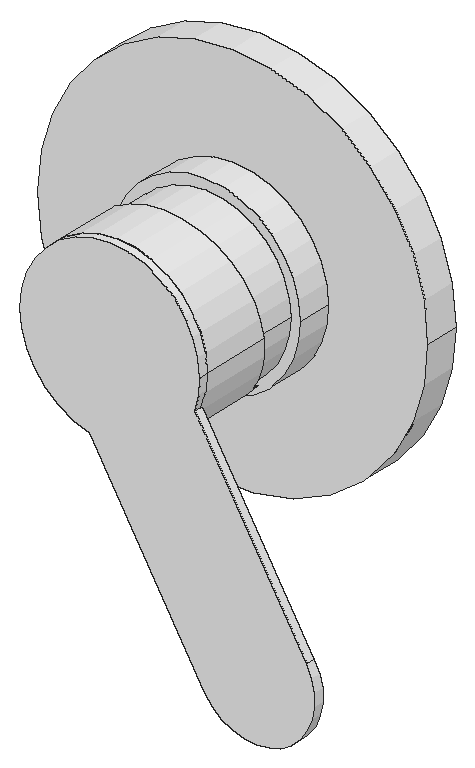
Revit family "Lauter-Mezclador Ducha", category Generic Models, Revit 2014
Parameters (values of type "HJ2010114")
  Material = Bronce Cromado
Reference planes
  plane 1 "Center (Front/Back)": y = 0
  plane 2: z = 0
  plane 3 "Center (Left/Right)": x = 0
  plane 4: z = 115
  plane 5: y = -10
  plane 6: z = 57.5
  plane 7: z = 105
  plane 8: z = 14.573
Forms (mm)
  Extrusion 1, solid, material "Bronce Cromado" <- "Material"
    sketch origin (0, 0, 0) x (1, 0, 0) y (0, 0, 1)
      loop
        circle (0, 57.5) r 57.5
    from 0 to 10
  Extrusion 2, solid, material "Bronce Cromado" <- "Material"
    sketch origin (0, 0, 0) x (1, 0, 0) y (0, 0, 1)
      loop
        circle (0, 57.5) r 25
    from 20 to 35.309
  Extrusion 3, solid, material "Bronce Cromado" <- "Material"
    sketch origin (0, 0, 0) x (1, 0, 0) y (0, 0, 1)
      loop
        circle (0, 57.5) r 28.003
    from 0 to 20
  Extrusion 4, solid, material "Bronce Cromado" <- "Material"
    sketch origin (0, 0, 0) x (1, 0, 0) y (0, 0, 1)
      loop
        circle (0, 57.5) r 26.467
    from 26.606 to 52.602
  Extrusion 5, void
    sketch origin (0, 0, 0) x (0, 1, 0) y (0, 0, 1)
      loop
        line (-26.606, 83.967) -> (-35.309, 83.967) -> (-29.462, 40.938) -> (-26.606, 40.938) -> (-26.606, 83.967)
    from -30.03 to 50
  Extrusion 6, solid, material "Bronce Cromado" <- "Material"
    sketch origin (0, 0, 0) x (1, 0, 0) y (0, 0, 1)
      loop
        arc (26.467, 57.5) -> (0, 83.967) -> (-26.467, 57.5) r 26.467
        arc (-26.467, 57.5) -> (-20.72, 41.032) -> (-5.974, 31.716) r 26.467
        line (-5.974, 31.716) -> (28.006, -24.836)
        arc (28.006, -24.836) -> (52.019, -30.824) -> (58.006, -6.81) r 17.5
        line (58.006, -6.81) -> (24.846, 48.378)
        arc (24.846, 48.378) -> (26.059, 52.868) -> (26.467, 57.5) r 26.467
    from 52.602 to 55.284
Cuts and joins
  Extrusion 5 cuts Extrusion 4
Lines and regions (mm)
  symbolic lines
    curve 1: line (0, 0, 82.5) -> (0, 0, 32.5)
Dimensions and locks
  plane 4 to level = 115 mm  (x2)
  aligned and locked: level to plane 2
  aligned and locked: plane 5 to Extrusion 1
